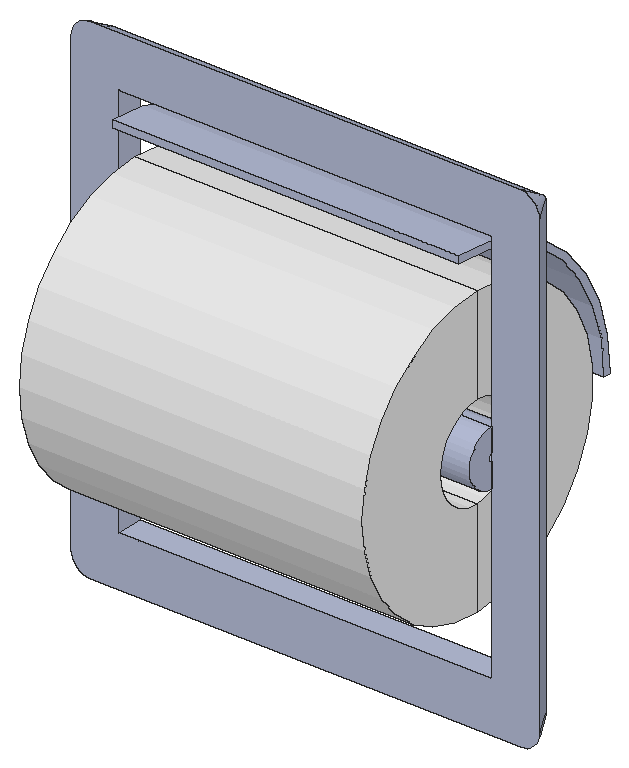
Revit family "2656 DISPENSADOR EMPOTRADO v03", category Aparatos sanitarios, Revit 2019
Family settings
  Anfitrión = Muro
  Cota de conector redondo = Diámetro de uso
  Tipo de pieza = Normal
  Número OmniClass = 23.45.00.00
  Título OmniClass = Sanitary, Laundry, and Cleaning Equipment
  Siempre vertical = Sí
  Corte con vacíos al cargar = No
  Compartido = No
  Punto de cálculo de habitación = No
Parameters (values of type "DISPENSADOR DE PAPEL HIGIÉNICO EMPOTRADO")
  _EDESA_ Tipo de instalación = "A la pared"
  _EDESA_ Sku/código = "SC0026563061CW"
  _EDESA_ Página web = "https://www.briggs.com.ec/productos/fichastecnicaspdf/Briggs/Institucional/Dispensador_papel.pdf"
  _EDESA_ Profundidad en cm = "7"
  _EDESA_ Productos necesarios para instalación = ""
  _EDESA_ Productos incluídos = "Tacos y tornillos"
  _EDESA_ Peso en kg = ""
  _EDESA_ Nombre = "DISPENSADOR DE PAPEL HIGIÉNICO EMPOTRADO"
  _EDESA_ Materiales = "Acero inoxidable"
  _EDESA_ Marca = "BRIGGS"
  _EDESA_ Garantía = "2 años"
  _EDESA_ Distancia de instalación en cm (muro terminado) = ""
  _EDESA_ Descripción = "Dispensador de papel higiénico empotrado para lugares de alto tráfico."
  _EDESA_ Cumple normativa ADA = ""
  _EDESA_ Contacto comercial = "(02) 395 2900"
  _EDESA_ Consumo/capacidad de agua en L = ""
  _EDESA_ Color = "cromo"
  _EDESA_ Certificación = ""
  _EDESA_ Categoría = "Productos > Complementos > Accesorios"
  _EDESA_ Ancho en cm = "15"
  _EDESA_ Alto en cm = "16"
  URL = "https://www.briggs.com.ec/productos/fichastecnicaspdf/Briggs/Institucional/Dispensador_papel.pdf"
  Modelo = "DISPENSADOR DE PAPEL HIGIÉNICO EMPOTRADO"
  Fabricante = "BRIGGS"
Reference planes (m)
  plane 1: y = 0
  plane 2 "Centro (Izquierda/Derecha)": x = 0.125
  plane 3 "Posterior": y = 0.075
Text (m)
  text "Cara de colocación" at (-1.787139, 0.59235, 0), in view "Nivel de referencia"
  text "Cara de colocación" at (0, 1.827695, 2.917686), in view "Izquierda"
  text "Cara de colocación" at (0, 0.562268, 3.853606), in view "Derecha"
Dimensions and locks (m)
  locked: plane 3 "Posterior" to host wall at 0
  aligned and locked: host wall to plane 1
Nested families (m)
  nested 1: "DISPENSADOR CUADRADO" at (0, 0, 0), type "Tipo 1"
Definition of nested family "DISPENSADOR CUADRADO"
  Reference planes (m)
    plane 1 "Muro": y = 0
    plane 2 "Centro (Izquierda/Derecha)": x = 0.125
    plane 3 "Posterior": y = 0.075
    plane 4 "_RP_Eje principal": z = 0.6
    plane 5 "_RP_Eje 1": y = 0.066274
    plane 6 "_RP_Eje 2": y = 0.170132
  Forms (m)
    Extrusion 1, void
      sketch origin (0, 0.075, 0) x (1, 0, 0) y (0, 0, 1)
        loop
          line (0.1865, 0.6655) -> (0.0635, 0.6655) -> (0.0635, 0.5345) -> (0.1865, 0.5345) -> (0.1865, 0.6655)
      from -0.008715 to 0.069849
    Blend 2, solid
      base sketch origin (0, 0.075, 0) x (1, 0, 0) y (0, 0, 1)
        loop
          line (0.047691, 0.676) -> (0.047691, 0.524)
          arc (0.047691, 0.524) -> (0.049539, 0.519539) -> (0.054, 0.517691) r 0.006309
          line (0.054, 0.517691) -> (0.196, 0.517691)
          arc (0.196, 0.517691) -> (0.200461, 0.519539) -> (0.202309, 0.524) r 0.006309
          line (0.202309, 0.524) -> (0.202309, 0.676)
          arc (0.202309, 0.676) -> (0.200461, 0.680461) -> (0.196, 0.682309) r 0.006309
          line (0.196, 0.682309) -> (0.054, 0.682309)
          arc (0.054, 0.682309) -> (0.049539, 0.680461) -> (0.047691, 0.676) r 0.006309
      top sketch origin (0, 0.075, 0) x (1, 0, 0) y (0, 0, 1)
        loop
          line (0.195997, 0.677274) -> (0.053997, 0.677274)
          arc (0.053997, 0.677274) -> (0.053098, 0.6769) -> (0.052726, 0.676) r 0.001274
          line (0.052726, 0.676) -> (0.052726, 0.524)
          arc (0.052726, 0.524) -> (0.053099, 0.523099) -> (0.054, 0.522726) r 0.001274
          line (0.054, 0.522726) -> (0.196, 0.522726)
          arc (0.196, 0.522726) -> (0.196901, 0.5231) -> (0.197274, 0.524002) r 0.001274
          line (0.197274, 0.524002) -> (0.197274, 0.675998)
          arc (0.197274, 0.675998) -> (0.1969, 0.676901) -> (0.195997, 0.677274) r 0.001274
      from 0 to -0.008715
    Revolve 3, solid
      sketch origin (0, 0.075, 0) x (1, 0, 0) y (0, 0, 1)
        loop
          line (0.0687, 0.647467) -> (0.0687, 0.6155) -> (0.1817, 0.6155) -> (0.1817, 0.647467) -> (0.0687, 0.647467)
        axis (0.1817, 0.6) -> (0.0687, 0.6)
      angle from 0 to 360
    Revolve 4, solid
      sketch origin (0, 0.075, 0) x (1, 0, 0) y (0, 0, 1)
        loop
          line (0.0635, 0.609179) -> (0.0635, 0.60125) -> (0.1865, 0.60125) -> (0.1865, 0.609179) -> (0.0635, 0.609179)
        axis (0.1865, 0.6) -> (0.0635, 0.6)
      angle from 0 to 360
    Revolve 5, solid
      sketch origin (0, 0.066274, 0) x (0, 0, -1) y (1, 0, 0)
        loop
          line (-0.662108, 0.182708) -> (-0.662108, 0.068526) -> (-0.659812, 0.068526) -> (-0.659812, 0.182708) -> (-0.662108, 0.182708)
        axis (-0.6, 0.068526) -> (-0.6, 0.182708)
      angle from 0 to 90
  Cuts and joins
    Extrusion 1 cuts Blend 2
  Text (m)
    text "Cara de colocación" at (-1.848837, 1.116779, 0), in view "Nivel de referencia"
    text "Cara de colocación" at (0, 1.409804, 2.854306), in view "Izquierda"
    text "Cara de colocación" at (0, 0.499811, 2.980732), in view "Derecha"
  Dimensions and locks (m)
    locked: plane 3 "Posterior" to host wall
    locked: plane 5 "_RP_Eje 1" to plane 3 "Posterior" at 0.008726
    locked: plane 5 "_RP_Eje 1" to plane 6 "_RP_Eje 2" at 0.103858
    aligned and locked: plane 1 "Muro" to host wall
    aligned and locked: Blend 2 to host wall
    aligned and locked: Blend 2 to Extrusion 1
